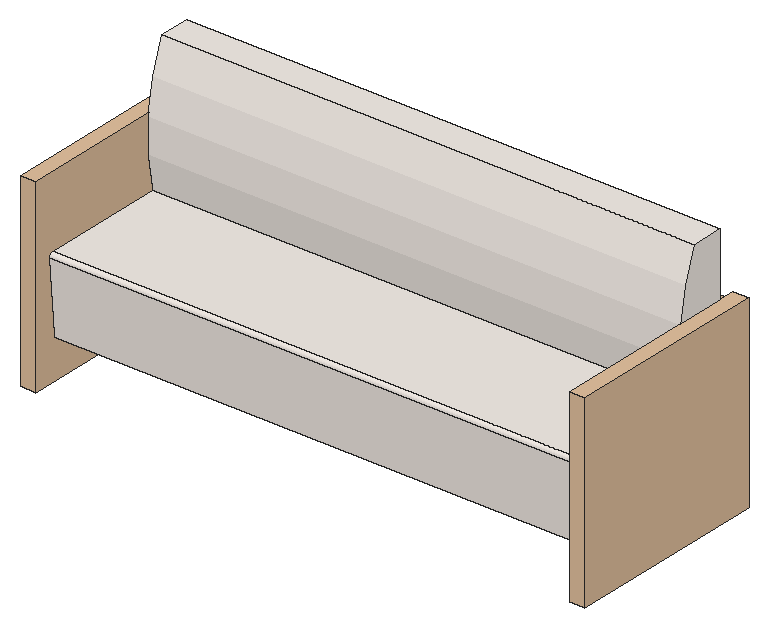
Revit family
Parameters (values of type "72"")
  Seat Material = Textile - Linen, Smooth
  Frame Material = Wood - Cherry
  Assembly Code = "E2020200"
  Width = 6' - 0"
Types (3): name | Seat Material | Frame Material | Width
  (no name) | Textile - Linen, Smooth | Wood - Cherry | 6' - 0"
  72" | Textile - Linen, Smooth | Wood - Cherry | 6' - 0"
  54" | none | none | 4' - 6"
Reference planes (in)
  plane 1 "Center (Front/Back)": y = 5.7541
  plane 2: z = 0
  plane 3 "Center (Left/Right)": x = 2.77049
  plane 4: y = 18.7541
  plane 5: y = -7.2459
  plane 6: x = 38.77049
  plane 7: x = -33.22951
  plane 8: z = 32
  plane 9: x = -31.22951
  plane 10: y = 16.7541
  plane 11: x = 36.77049
  plane 12: y = -5.2459
Forms (in)
  Extrusion 1, solid, material "Wood - Cherry" <- "Frame Material"
    sketch origin (0, 0, 0) x (1, 0, 0) y (0, 1, 0)
      loop
        line (-31.22951, 18.7541) -> (-33.22951, 18.7541) -> (-33.22951, -7.2459) -> (-31.22951, -7.2459) -> (-31.22951, 18.7541)
      loop
        line (36.77049, 18.7541) -> (36.77049, -7.2459) -> (38.77049, -7.2459) -> (38.77049, 18.7541) -> (36.77049, 18.7541)
    from 0 to 24
  Extrusion 2, solid, material "Textile - Linen, Smooth" <- "Seat Material"
    sketch origin (38.77049, 0, 0) x (0, -1, 0) y (0, 0, 1)
      loop
        line (4.70025, 15) -> (-11.26679, 15)
        arc (-11.26679, 15) -> (-10.57599, 23.6255) -> (-12.7541, 32) r 26
        line (-12.7541, 32) -> (-16.7541, 32) -> (-16.7541, 5.03805) -> (4.37434, 5.03805) -> (5.19834, 14.45642)
        arc (5.19834, 14.45642) -> (5.06889, 14.8378) -> (4.70025, 15) r 0.5
    from 2 to 70
  Extrusion 3, solid, material "Wood - Cherry"
    sketch origin (38.77049, 0, 0) x (0, -1, 0) y (0, 0, 1)
      loop
        line (-18.7541, 23) -> (-18.7541, 18) -> (-16.7541, 18) -> (-16.7541, 23) -> (-18.7541, 23)
      loop
        line (-18.7541, 15.5) -> (-18.7541, 10.5) -> (-16.7541, 10.5) -> (-16.7541, 15.5) -> (-18.7541, 15.5)
      loop
        line (-18.7541, 8) -> (-18.7541, 3) -> (-16.7541, 3) -> (-16.7541, 8) -> (-18.7541, 8)
    from 2 to 70
Lines and regions (in)
  Masking region 1
    outline origin (0, 0, 0) x (1, 0, 0) y (0, 1, 0)
      loop
        line (-33.22951, 18.7541) -> (-33.22951, -7.2459) -> (-31.22951, -7.2459) -> (-31.22951, -5.2459) -> (36.77049, -5.2459) -> (36.77049, -7.2459) -> (38.77049, -7.2459) -> (38.77049, 18.7541) -> (-33.22951, 18.7541)
  symbolic lines
    curve 1: line (-31.22951, 18.7541, 0) -> (36.77049, 18.7541, 0)
    curve 2: line (-31.22951, 16.7541, 0) -> (-31.22951, 18.7541, 0)
    curve 3: line (36.77049, 16.7541, 0) -> (-31.22951, 16.7541, 0)
    curve 4: line (36.77049, 18.7541, 0) -> (36.77049, 16.7541, 0)
    curve 5: line (38.77049, -7.2459, 0) -> (36.77049, -7.2459, 0)
    curve 6: line (38.77049, 18.7541, 0) -> (38.77049, -7.2459, 0)
    curve 7: line (36.77049, 18.7541, 0) -> (38.77049, 18.7541, 0)
    curve 8: line (-31.22951, -7.2459, 0) -> (-33.22951, -7.2459, 0)
    curve 9: line (-31.22951, 18.7541, 0) -> (-31.22951, -5.19834, 0)
    curve 10: line (-33.22951, 18.7541, 0) -> (-31.22951, 18.7541, 0)
    curve 11: line (-33.22951, -7.2459, 0) -> (-33.22951, 18.7541, 0)
    curve 12: line (36.77049, -5.19834, 0) -> (36.77049, 18.7541, 0)
    curve 13: line (-31.22951, 12.7541, 0) -> (36.77049, 12.7541, 0)
Dimensions and locks (in)
  equal spacing: plane 7, plane 3 "Center (Left/Right)", plane 6
  equal spacing: plane 5, plane 1 "Center (Front/Back)", plane 4
  "Width": plane 7 to plane 6
  locked: plane 4 to plane 10 at 2
  locked: plane 11 to plane 6 at 2
  locked: plane 7 to plane 9 at 2
  locked: plane 5 to plane 12 at 2
  locked: plane 10 to curve 13 at 4
  aligned and locked: Extrusion 2 to Extrusion 1
  aligned and locked: Extrusion 2 to Extrusion 3
  aligned and locked: Masking region 1 sketch curve to plane 7
  aligned and locked: plane 4 to Masking region 1 sketch curve
  aligned and locked: plane 6 to Masking region 1 sketch curve
  aligned and locked: Masking region 1 sketch curve to plane 5
  aligned and locked: plane 10 to curve 3
  aligned and locked: curve 12 to plane 11
  aligned and locked: plane 9 to curve 9
  aligned and locked: Masking region 1 sketch curve to plane 9
  aligned and locked: Masking region 1 sketch curve to plane 12
  aligned and locked: plane 11 to Masking region 1 sketch curve
  aligned and locked: plane 9 to Extrusion 2
  aligned and locked: Extrusion 1 to plane 9
  aligned and locked: plane 7 to Extrusion 1
Automatic sketch dimensions
  Extrusion 1 sketch curve to plane 5 = 0' - 0"  (x2)
  Extrusion 1 sketch curve to plane 7 = 0' - 2"
  Extrusion 1 sketch curve to plane 4 = 0' - 0"  (x2)
  Extrusion 1 sketch curve to plane 6 = 0' - 0"
  Extrusion 1 sketch curve to Extrusion 1 sketch curve = 0' - 2"
  plane 6 to Extrusion 1 sketch curve = 0' - 2"
  Extrusion 2 sketch curve to plane 8 = 0' - 0"
  Extrusion 2 sketch curve to plane 4 = 1' - 5.72296"
  plane 4 to Extrusion 2 sketch curve = 0' - 2"
  Extrusion 2 sketch curve to Extrusion 2 sketch curve = 0' - 4"
  Extrusion 2 sketch curve to plane 1 "Center (Front/Back)" = 0' - 5.51269"
  Extrusion 2 sketch curve to plane 5 = 0' - 2.87156"
  Extrusion 2 sketch curve to plane 5 = 0' - 2.54565"
  Extrusion 2 sketch curve to Extrusion 2 sketch curve = 0' - 0.4981"
  level to Extrusion 2 sketch curve = 1' - 9.35945"
  Extrusion 2 sketch curve to Extrusion 2 sketch curve = 0' - 0 1/2"
  level to Extrusion 2 sketch curve = 0' - 5.03805"
  Extrusion 3 sketch curve to plane 4 = 0' - 0"  (x3)
  plane 4 to Extrusion 3 sketch curve = 0' - 2"  (x3)
  level to Extrusion 3 sketch curve = 0' - 3"
  Extrusion 3 sketch curve to Extrusion 3 sketch curve = 0' - 5"  (x3)
  Extrusion 3 sketch curve to Extrusion 3 sketch curve = 0' - 2 1/2"  (x2)
  Masking region 1 sketch curve to plane 5 = 0' - 0"
  curve 11 to plane 4 = 0' - 0"
  curve 11 to plane 7 = 0' - 0"
  curve 8 to plane 5 = 0' - 0"
  curve 8 to plane 9 = 0' - 0"
  curve 5 to plane 5 = 0' - 0"
  curve 5 to plane 11 = 0' - 0"
  curve 6 to plane 6 = 0' - 0"
  plane 12 to curve 9 = 0' - 0.04756"
  plane 12 to curve 12 = 0' - 0.04756"
